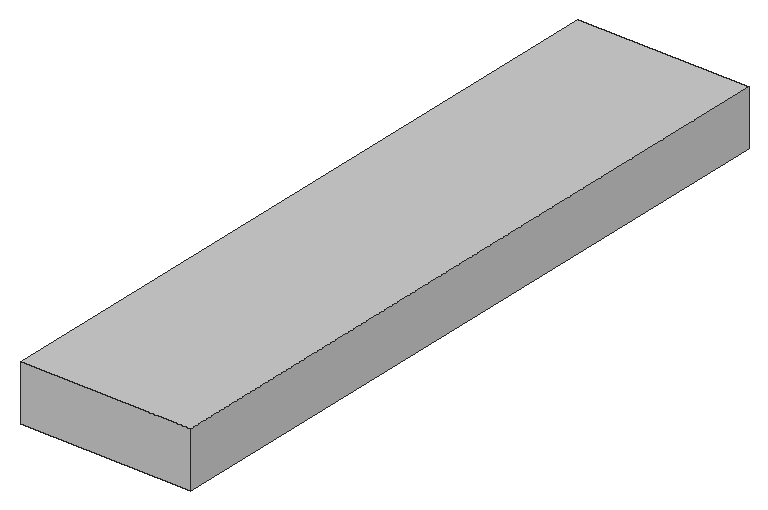
Revit family "道路基于中心线", category 结构框架, Revit 2018
Family settings
  显示在隐藏视图中 = 被其他构件隐藏的边缘
  结构框架长度舍入 = 1 mm
  横断面形状 = 未定义
  用于模型行为的材质 = 混凝土
  始终导出为几何图形 = 否
  总是垂直 = 是
  加载时剪切的空心 = 否
  符号表示法 = 从族
  共享 = 否
  在平面视图中显示族的预剪切 = 是
Parameters (values of type "道路-5000")
  Structural Material [instance] = 混凝土 - 现场浇注混凝土
  Assembly Code = ""
  Length [instance] = 1524 mm
  道路宽度 = 5000 mm
  道路厚度 = 400 mm
Reference planes
  plane 1 "中心(前/后)": y = 0
  plane 2: z = 0
  plane 3 "中心(左/右)": x = 4.61
  plane 4 "左构件": x = -604.99
  plane 5 "右构件": x = 614.21
  plane 6: y = 2500
  plane 7: y = -2500
  plane 8: z = 200
  plane 9 "底": z = -200
  plane 10 "左": x = -757.39
  plane 11 "右": x = 766.61
Forms (mm)
  Sweep 1, solid, material "混凝土 - 现场浇注混凝土" <- "Structural Material"
    path origin (0, 0, 0) x (1, 0, 0) y (0, 1, 0)
      loop
        line (614.21, 0) -> (-604.99, 0)
    profile "M_矩形梁 - 轮廓 : M_矩形梁 - 轮廓" origin (4.61, 0, 0) x (0, -1, 0) y (0, 0, 1)
      loop
        line (-2500, -200) -> (2500, -200) -> (2500, 200) -> (-2500, 200) -> (-2500, -200)
Dimensions and locks
  "道路宽度": plane 6 to plane 7
  equal spacing: plane 9 "底", plane 2, plane 8
  equal spacing: plane 6, plane 1 "中心(前/后)", plane 7
  "道路厚度": plane 9 "底" to plane 8
  "Length": plane 10 "左" to plane 11 "右"
  aligned and locked: Sweep 1 sketch curve to plane 1 "中心(前/后)"
  aligned and locked: plane 4 "左构件" to Sweep 1 sketch curve
  aligned and locked: plane 5 "右构件" to Sweep 1 sketch curve
